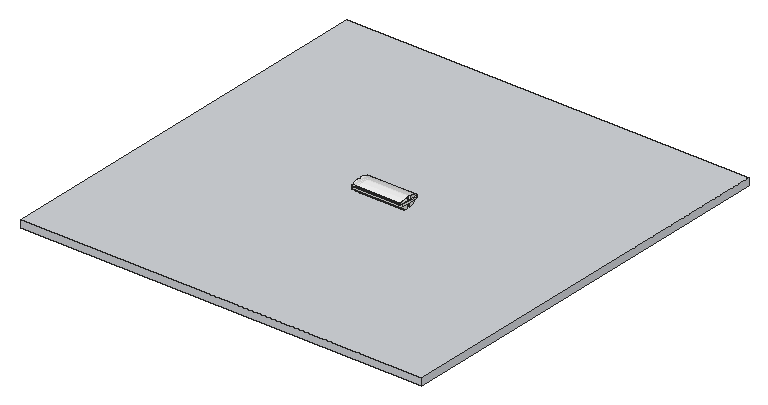
Revit family "Thorn Voyager Solid", category Lighting Fixtures, host Face, Revit 2016
Family settings
  Host = Face
  Part Type = Normal
  Round Connector Dimension = Use Diameter
  OmniClass Number = 23.80.70.11
  OmniClass Title = Luminaries for Internal Lighting
  Cut with Voids When Loaded = No
  Light Source = Yes
  Shared = No
  Room Calculation Point = No
Parameters (values of type "VOYAGER Solid L")
  Width = 150 mm
  Wattage Comments = ""
  Wattage = 0.740531 W
  built-in parameter 1150110 = 1 (stored number, unit not read)
  Voltage = 230 V
  URL = "www.thornlighting.com/96629766"
  Type Comments = "© Thorn. We reserve the right to make technical changes without prior notice."  # constant formula
  built-in parameter 1114217 = 1 (stored number, unit not read)
  Tilt Angle = -90.00°
  built-in parameter 1150109 = 1 (stored number, unit not read)
  built-in parameter 1150134 = (empty or 0)
  built-in parameter 1150113 = 1 (stored number, unit not read)
  Photometric Web File = "96629766_(STD).IES"
  Model = "96629766"
  Manufacturer = "Thorn Lighting"  # constant formula
  built-in parameter 1150105 = 42.59 (stored number, unit not read)
  Lumens = 110 lm
  built-in parameter 1150115 = 1 (stored number, unit not read)
  built-in parameter 1150137 = (empty or 0)
  built-in parameter 1150139 = (empty or 0)
  Length = 360 mm
  built-in parameter 1150112 = 1 (stored number, unit not read)
  built-in parameter 1150114 = 1 (stored number, unit not read)
  Lamp = "LED"
  built-in parameter 1150132 = 2
  built-in parameter 1150102 = (empty or 0)
  built-in parameter 1150107 = 6200 (stored number, unit not read)
  built-in parameter 1150138 = (empty or 0)
  built-in parameter 1150106 = 0.4259 (stored number, unit not read)
  Height = 71 mm
  Emit from Rectangle Width = Length  # 360 mm
  Emit from Rectangle Length = Width  # 150 mm
  Emit Shape Visible in Rendering = no
  built-in parameter 1150104 = 13.8 (stored number, unit not read)
  Dimming Lamp Color Temperature Shift = <None>
  Description = "LED surface mount luminaire"  # constant formula
  Default Elevation = 0 mm
  Cover = Thorn_PMMA_Semitransparent
  Color Filter = 16777215
  Body = Thorn_Metal_Light_Grey
  built-in parameter 1114218 = 1 (stored number, unit not read)
  built-in parameter 1150133 = 10 (stored number, unit not read)
  Assembly Code = "D5020200"
  Apparent Load = 1.8 VA
Types (2, lengths in mm): name | Width | Wattage | URL | built-in parameter 1150134 | Model | built-in parameter 1150105 | Lumens | Length | built-in parameter 1150107 | built-in parameter 1150106 | Emit from Rectangle Width | Emit from Rectangle Length
  VOYAGER Solid L | 150 | 0.740531 W | "www.thornlighting.com/96629766" | (empty or 0) | "96629766" | 42.59 (stored number, unit not read) | 110 lm | 360 | 6200 (stored number, unit not read) | 0.4259 (stored number, unit not read) | 360 | 150
  VOYAGER Solid MS | 130 | 0.908834 W | "www.thornlighting.com/96629763" | 5 | "96629763" | 10.743 (stored number, unit not read) | 135 lm | 280 | 6000 (stored number, unit not read) | 0.10743 (stored number, unit not read) | 280 | 130
Reference planes
  plane 1 "Center (Front/Back)": y = 0
  plane 2 "Top": z = 0
  plane 3 "Center (Left/Right)": x = 399.5
  plane 4: y = 75
  plane 5 "Bottom": y = -75
  plane 6 "Left": x = 219.5
  plane 7 "Right": x = 579.5
  plane 8: z = 71
  plane 9 "Cover": z = 47.787
  plane 10: x = 231.5
  plane 11: x = 567.5
  plane 12: x = 253.5
  plane 13: x = 545.5
Forms (mm)
  Extrusion 1, solid
    sketch origin (0, 0, 0) x (1, 0, 0) y (0, 1, 0)
      loop
        line (-1010.5, 1431.145) -> (-1010.5, -1431.145) -> (1809.5, -1431.145) -> (1809.5, 1431.145) -> (-1010.5, 1431.145)
    from 0 to -52.502
  Sweep 2, solid, material "Thorn_Metal_Light_Grey" <- "Body"
    path origin (0, 0, 47.787) x (0, 1, 0) y (-1, 0, 0)
      loop
        arc (75, -238.687) -> (71.319, -228.845) -> (62.083, -223.833) r 15
        arc (62.083, -223.833) -> (0, -219.5) -> (-62.083, -223.833) r 446.975
        arc (-62.083, -223.833) -> (-71.319, -228.845) -> (-75, -238.687) r 15
        line (-75, -238.687) -> (-75, -560.313)
        arc (-75, -560.313) -> (-71.319, -570.155) -> (-62.083, -575.167) r 15
        arc (-62.083, -575.167) -> (0, -579.5) -> (62.083, -575.167) r 446.975
        arc (62.083, -575.167) -> (71.319, -570.155) -> (75, -560.313) r 15
        line (75, -560.313) -> (75, -238.687)
    profile origin (399.5, 75, 47.787) x (0, 1, 0) y (0, 0, 1)
      loop
        line (0, 0) -> (-12, 0) -> (-12, -10) -> (0, -10) -> (0, 0)
  Extrusion 3, void
    sketch origin (0, 0, 47.787) x (0, 1, 0) y (-1, 0, 0)
      loop
        line (72.3, -231.5) -> (72.3, -244.765) -> (95, -244.765) -> (95, -199.365) -> (-95, -199.365) -> (-95, -244.765) -> (-72.3, -244.765) -> (-72.3, -231.5)
        arc (-72.3, -231.5) -> (0, -225.577) -> (72.3, -231.5) r 444.275
      loop
        arc (72.3, -567.5) -> (0, -573.423) -> (-72.3, -567.5) r 444.275
        line (-72.3, -567.5) -> (-72.3, -554.235) -> (-95, -554.235) -> (-95, -599.635) -> (95, -599.635) -> (95, -554.235) -> (72.3, -554.235) -> (72.3, -567.5)
    from 0 to 65.252
  Extrusion 4, solid, material "Thorn_Metal_Light_Grey" <- "Body"
    sketch origin (399.5, 0, 0) x (0, 0, -1) y (0, -1, 0)
      loop
        line (-2.972, -32.61) -> (-2.972, 32.61)
        arc (-2.972, 32.61) -> (-17.453, 51.158) -> (-37.787, 63) r 62.21
        line (-37.787, 63) -> (-37.787, -63)
        arc (-37.787, -63) -> (-17.453, -51.158) -> (-2.972, -32.61) r 62.21
    from -168 to 168
  Sweep 5, solid, material "Thorn_PMMA_Semitransparent" <- "Cover"
    path origin (0, 0, 47.787) x (0, 1, 0) y (-1, 0, 0)
      loop
        line (0, -579.5) -> (0, -219.5)
    profile "Cover : Cover" origin (399.5, 0, 47.787) x (0, -1, 0) y (0, 0, 1)
      loop
        line (-72.3, 0) -> (72.3, 0) -> (72.3, 4.713)
        arc (72.3, 4.713) -> (71.416, 7.552) -> (69.075, 9.387) r 5
        arc (69.075, 9.387) -> (0, 23.21) -> (-69.075, 9.387) r 179.5
        arc (-69.075, 9.387) -> (-71.416, 7.552) -> (-72.3, 4.713) r 5
        line (-72.3, 4.713) -> (-72.3, 0)
  Extrusion 6, void
    sketch origin (0, 0, 47.787) x (0, 1, 0) y (-1, 0, 0)
      loop
        arc (7.071, -567.318) -> (0, -564.389) -> (-7.071, -567.318) r 10
        line (-7.071, -567.318) -> (-19.682, -579.928) -> (19.682, -579.928) -> (7.071, -567.318)
      loop
        line (7.071, -231.682) -> (19.682, -219.072) -> (-19.682, -219.072) -> (-7.071, -231.682)
        arc (-7.071, -231.682) -> (0, -234.611) -> (7.071, -231.682) r 10
    from 2.5 to 50
  Extrusion 7, void
    sketch origin (219.5, 0, 0) x (0, 1, 0) y (0, 0, 1)
      loop
        line (13.996, 0) -> (13.996, 20.967)
        arc (13.996, 20.967) -> (0, 34.963) -> (-13.996, 20.967) r 13.996
        line (-13.996, 20.967) -> (-13.996, 0) -> (13.996, 0)
    from 12 to 25
  Extrusion 8, void
    sketch origin (579.5, 0, 0) x (0, 1, 0) y (0, 0, -1)
      loop
        line (13.996, 0) -> (-13.996, 0) -> (-13.996, -20.967)
        arc (-13.996, -20.967) -> (0, -34.963) -> (13.996, -20.967) r 13.996
        line (13.996, -20.967) -> (13.996, 0)
    from 12 to 25
  Extrusion 9, solid, material "Thorn_Metal_Light_Grey" <- "Body"
    sketch origin (399.5, 0, 0) x (0, 0, -1) y (0, -1, 0)
      loop
        line (-2.972, -29.572) -> (0, -29.572) -> (0, 30.425) -> (-2.972, 30.425) -> (-2.972, -29.572)
    from -146 to 146
Cuts and joins
  Extrusion 3 cuts Sweep 2
  Extrusion 3, Extrusion 6 cuts Sweep 5
  Extrusion 7, Extrusion 8 cuts Extrusion 4
Dimensions and locks
  "Length": plane 6 "Left" to plane 7 "Right"
  equal spacing: plane 6 "Left", plane 3 "Center (Left/Right)", plane 7 "Right"
  "Height": plane 8 to plane 2 "Top"
  equal spacing: plane 5 "Bottom", plane 1 "Center (Front/Back)", plane 4
  "Width": plane 5 "Bottom" to plane 4
  plane 12 to plane 10 to plane 6 "Left" = 22 mm locked, 12 mm locked
  plane 13 to plane 11 to plane 7 "Right" = 22 mm locked, 12 mm locked
  aligned and locked: Extrusion 1 to plane 2 "Top"
  aligned and locked: Extrusion 4 to plane 10
  aligned and locked: Extrusion 4 to plane 11
  aligned and locked: Sweep 5 sketch curve to plane 1 "Center (Front/Back)"
  aligned and locked: plane 6 "Left" to Sweep 5 sketch curve
  aligned and locked: plane 7 "Right" to Sweep 5 sketch curve
  aligned and locked: plane 12 to Extrusion 9
  aligned and locked: plane 13 to Extrusion 9
  aligned and locked: plane 8 to imposter light
Automatic sketch dimensions
  Extrusion 1 sketch curve to Extrusion 1 sketch curve = 2820 mm
  Extrusion 1 sketch curve to Extrusion 1 sketch curve = 2862.29 mm
  plane 5 "Bottom" to Sweep 2 sketch curve = 0 mm
  plane 1 "Center (Front/Back)" to Sweep 2 sketch curve = 0 mm  (x2)
  Sweep 2 sketch curve to plane 4 = 0 mm
  plane 10 to Sweep 2 sketch curve = 7.187 mm  (x2)
  Sweep 2 sketch curve to Sweep 2 sketch curve = 15 mm  (x2)
  plane 11 to Sweep 2 sketch curve = 7.187 mm  (x2)
  Sweep 2 sketch curve to plane 4 = 15 mm  (x2)
  Sweep 2 sketch curve to plane 7 "Right" = 86.975 mm
  Sweep 2 sketch curve to plane 6 "Left" = 86.975 mm
  Sweep 2 sketch curve to Sweep 2 sketch curve = 0 mm  (x2)
  Sweep 2 sketch curve to plane 9 "Cover" = 0 mm
  Sweep 2 sketch curve to profile plane = 0 mm
  profile plane to Sweep 2 sketch curve = 12 mm
  Sweep 2 sketch curve to plane 9 "Cover" = 10 mm
  plane 1 "Center (Front/Back)" to Extrusion 3 sketch curve = 0 mm  (x2)
  Extrusion 3 sketch curve to plane 5 "Bottom" = 2.7 mm  (x2)
  plane 5 "Bottom" to Extrusion 3 sketch curve = 20 mm  (x2)
  Extrusion 3 sketch curve to plane 10 = 0 mm
  Extrusion 3 sketch curve to plane 4 = 2.7 mm  (x2)
  plane 4 to Extrusion 3 sketch curve = 20 mm  (x2)
  plane 10 to Extrusion 3 sketch curve = 13.265 mm  (x2)
  plane 11 to Extrusion 3 sketch curve = 13.265 mm  (x2)
  Extrusion 3 sketch curve to plane 11 = 0 mm
  Extrusion 3 sketch curve to plane 7 "Right" = 20.135 mm
  Extrusion 3 sketch curve to plane 7 "Right" = 90.352 mm
  Extrusion 3 sketch curve to plane 6 "Left" = 20.135 mm
  Extrusion 3 sketch curve to plane 6 "Left" = 90.352 mm
  plane 1 "Center (Front/Back)" to Extrusion 4 sketch curve = 4.291 mm
  plane 9 "Cover" to Extrusion 4 sketch curve = 10.576 mm
  Extrusion 4 sketch curve to Extrusion 4 sketch curve = 0 mm
  Extrusion 4 sketch curve to plane 9 "Cover" = 10 mm
  level to Extrusion 4 sketch curve = 2.972 mm
  Extrusion 4 sketch curve to plane 1 "Center (Front/Back)" = 4.291 mm
  Extrusion 4 sketch curve to plane 1 "Center (Front/Back)" = 32.61 mm
  plane 1 "Center (Front/Back)" to Extrusion 4 sketch curve = 32.61 mm
  plane 1 "Center (Front/Back)" to Extrusion 6 sketch curve = 0 mm  (x2)
  plane 10 to Extrusion 6 sketch curve = 0.182 mm  (x2)
  plane 1 "Center (Front/Back)" to Extrusion 6 sketch curve = 7.071 mm  (x2)
  plane 11 to Extrusion 6 sketch curve = 0.182 mm  (x2)
  Extrusion 6 sketch curve to plane 7 "Right" = 0.428 mm
  Extrusion 6 sketch curve to Extrusion 6 sketch curve = 12.611 mm  (x4)
  Extrusion 6 sketch curve to plane 6 "Left" = 0.428 mm
  plane 7 "Right" to Extrusion 6 sketch curve = 5.111 mm
  plane 6 "Left" to Extrusion 6 sketch curve = 5.111 mm
  Extrusion 7 sketch curve to level = 0 mm
  Extrusion 7 sketch curve to plane 1 "Center (Front/Back)" = 0 mm
  plane 1 "Center (Front/Back)" to Extrusion 7 sketch curve = 13.996 mm
  Extrusion 7 sketch curve to Extrusion 7 sketch curve = 20.967 mm
  Extrusion 8 sketch curve to level = 0 mm
  Extrusion 8 sketch curve to plane 1 "Center (Front/Back)" = 0 mm
  Extrusion 8 sketch curve to plane 1 "Center (Front/Back)" = 13.996 mm
  Extrusion 8 sketch curve to Extrusion 8 sketch curve = 20.967 mm
  Extrusion 9 sketch curve to level = 0 mm
  level to Extrusion 9 sketch curve = 2.972 mm
  Extrusion 9 sketch curve to plane 1 "Center (Front/Back)" = 29.572 mm
  plane 1 "Center (Front/Back)" to Extrusion 9 sketch curve = 30.425 mm
Connectors
  electrical at (399.5, -0.426, 0), driven by "Voltage", driven by "Apparent Load"
    settings: on Extrusion 9, index 1, voltage 230 V, apparent load 1.8 VA, apparent load phase1 0 VA, apparent load phase2 0 VA, apparent load phase3 0 VA, power factor 1, load classification "Lighting", number of poles 1, system type 30, power factor state 1, is connector primary yes, connector utility no, sub classification motor no, connector description "Power"
